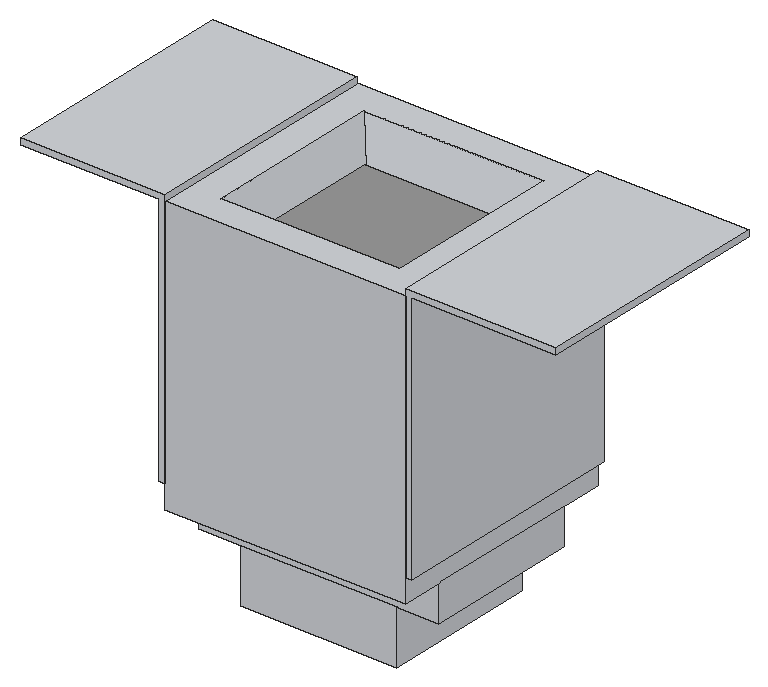
Revit family "2061028 Sylvania Lighting Fixture DOMINO 1xLED 930 BLACK NB TRIMLESS WHITE", category Lighting Fixtures, host Face, Revit 2018
Family settings
  Host = Face
  Round Connector Dimension = Use Diameter
  Part Type = Normal
  OmniClass Number = 23.80.70.00
  OmniClass Title = Lighting
  Cut with Voids When Loaded = No
  Light Source = Yes
  Shared = No
  Room Calculation Point = No
Parameters (values of type "2061028 DOMINO 1XLED 930 BLACK NB TS WHT ")
  top top width = 15.812 mm
  top top length = 26 mm
  bracket height = 42 mm
  Width = 50 mm
  Weight = "n/a"
  Wattage Comments = ""
  Wattage = 9.2903 W
  WarrantyStartDate [instance] = "n/a"
  WarrantyGuarantorParts = "n/a"
  WarrantyDurationUnit = "n/a"
  WarrantyDurationParts = ""
  WarrantyDescription = "http://www.sylvania-lighting.com"
  built-in parameter 1150110 = 1 (stored number, unit not read)
  Voltage = 0 V
  URL = "0.6"
  TypeName = "DOMINO 1xLED 930 BLACK NB TRIMLESS WHITE"
  Type Image = <None>
  Type Comments = "n/a"
  built-in parameter 1114217 = 1 (stored number, unit not read)
  Top Width = 26 mm
  Tilt Angle = 90.00°
  built-in parameter 1150109 = 1 (stored number, unit not read)
  built-in parameter 1150134 = 3
  built-in parameter 1150113 = 1 (stored number, unit not read)
  SerialNumber [instance] = "n/a"
  Recessed Width = 43 mm
  Recessed Length = 43 mm
  Photometric Web File = "2061028.ies"
  Material_3_FEILO = none
  PowerFactor = 0
  PowerConsumption = "Lighting"
  NominalLength = 40 mm
  NominalHeight = 0 mm
  NominalDepth = 0 mm
  Name = "DOMINO 1xLED 930 BLACK NB TRIMLESS WHITE"
  ModelReference = Name  # "DOMINO 1xLED 930 BLACK NB TRIMLESS WHITE"
  ModelNumber = "2061028"
  Model = Name  # "DOMINO 1xLED 930 BLACK NB TRIMLESS WHITE"
  Material = "Feilo Sylvania"
  ManufacturerName = "45 lm/W"
  Manufacturer = ""
  LuminousEfficacy = ""
  built-in parameter 1150105 = 109.82 (stored number, unit not read)
  Lumens = 1380 lm
  LuminaireType = "0"
  built-in parameter 1150115 = 1 (stored number, unit not read)
  LightOutputRatio = "LED"
  built-in parameter 1150137 = (empty or 0)
  built-in parameter 1150139 = (empty or 0)
  Lens inside recess = 25 mm
  Lens Width = 32 mm
  Lens Outside recess = 31.978 mm
  Lens = Glass, White, High Luminance
  Length = 50 mm
  LampsType = Lamp  # "n/a"
  LampNominalLuminous = "3000 K"
  LampMacAdamStep = "90"
  LampColourTemperature = "LED"
  LampColourRenderingIndex = "16500"
  built-in parameter 1150112 = 1 (stored number, unit not read)
  built-in parameter 1150114 = 1 (stored number, unit not read)
  Lamp = "n/a"
  Keynote = "n/a"
  InstallationDate [instance] = "n/a"
  InputVoltage = "0"
  InputNominalFrequency = "3000"
  built-in parameter 1150132 = (empty or 0)
  built-in parameter 1150102 = (empty or 0)
  built-in parameter 1150107 = 3200 (stored number, unit not read)
  built-in parameter 1150138 = (empty or 0)
  IngressProtection = "IfcLightFixtureType"
  ImpactProtectionIndex = "IfcLightFixtureType"
  built-in parameter 1150106 = 1.0982 (stored number, unit not read)
  IfcExportType = "IfcLightFixtureType"
  IfcExportAs = "Class II"
  Facia internal width = 37 mm
  Facia internal length = 37 mm
  Facia Height = 2 mm
  ExpectedLife = 50000
  Emit from Circle Diameter = 609.6 mm
  Emit Shape Visible in Rendering = no
  ElectricShockClassification = "45"
  built-in parameter 1150104 = 13.8 (stored number, unit not read)
  DurationUnit = "hours"
  DocumentationLiterature = "http://www.sylvania-lighting.com/product/en-int/products/2061028"
  DimmingControlOptions = "n/a"
  Material_2_FEILO = none
  Dimming Lamp Color Temperature Shift = <None>
  Description = "Modular LED recessed linear spotlight, ideal for retail and hospitality applications. Die-cast aluminium body, passive cooling. Two levels of reflector installation, low glaring UGR<16. 1x LED source, 15° beam angle , optics: PMMA lens and polycarbonate reflector combination, Black matt reflector finish. Light color temperature: 3000K warm white, total system power: 4W , total fixture lumen output: 180lm, efficacy: 45 lm/W, Ra90 typical, LED chromacity: 3 step MacAdam ellipse (SDCM3), lifespan: 96,000 hours at 90% of the original output (L90B10), IR/UV free light source without heat radiation, operating voltage: 220-240V / 50-60Hz, electronic driver, ultra low flicker, non-dimmable , electrical protection: Class II. Degree of Protection: IP40/IP20, suitable for indoor environment only. Ceiling cut-out: 42x42mm, outer dimensions:  40x40mm , trimless frame RAL 9016 - Traffic white / Bezel color.5 years Warranty."
  Default Elevation = 1219.2 mm
  CreatedOn = "11/02/2021"
  CreatedBy = "@sylvania-lighting.com"
  Cost = 0
  Color Filter = 16777215
  built-in parameter 1114216 [instance] = (empty or 0)
  ClassificationValue = "EF_70_80"
  ClassificationName = "Uniclass2015"
  Material_1_FEILO = none
  Body Width = 40 mm
  Body Length = 40 mm
  BarCode [instance] = "n/a"
  built-in parameter 1114218 = 1 (stored number, unit not read)
  built-in parameter 1150133 = 10 (stored number, unit not read)
  AssetType = "Fixed"
  AssetIdentifier [instance] = "n/a"
  Assembly Code = "D5020200"
  Apparent Load = 4 VA
  Material_4_FEILO = none
Reference planes
  plane 1 "Center (Front/Back)": y = 0
  plane 2: z = 0
  plane 3 "Center (Left/Right)": x = 0
  plane 4: z = 0
  plane 5: z = -7
  plane 6: z = -45.895
  plane 7: z = -51.895
  plane 8: z = -60.895
  plane 9: x = -21.5
  plane 10: x = 21.5
  plane 11: y = 21.5
  plane 12: y = -21.5
  plane 13: x = -25
  plane 14: x = 25
  plane 15: y = 25
  plane 16: y = -25
  plane 17: x = 18.5
  plane 18: x = -18.5
  plane 19: y = 18.5
  plane 20: y = -18.5
  plane 21: z = 2
  plane 22: x = -20
  plane 23: x = 20
  plane 24: y = 20
  plane 25: y = -20
  plane 26: y = 13
  plane 27: y = -13
  plane 28: y = 16
  plane 29: y = -16
  plane 30: x = 13
  plane 31: x = -13
  plane 32: x = -15.772
  plane 33: x = 16.206
  plane 34: y = 12.5
  plane 35: y = -12.5
  plane 36: x = -12.5
  plane 37: x = 12.5
  plane 38: z = -42
  plane 39: x = -44
  plane 40: z = 0.969
  plane 41: x = -21
  plane 42: x = 21
  plane 43: x = 45
Forms (mm)
  Extrusion 1, solid, not visible, detail levels medium+fine
    sketch origin (4.2, 0, 0) x (1, 0, 0) y (0, 1, 0)
      loop
        line (-29.2, 34.5) -> (-29.2, -34.5) -> (20.8, -34.5) -> (20.8, 34.5) -> (-29.2, 34.5)
    from 0 to 1
  Extrusion 2, solid, not visible, detail levels medium+fine
    sketch origin (4.044, 0, 0) x (1, 0, 0) y (0, 1, 0)
      loop
        line (-29.2, 34.5) -> (-29.2, -34.5) -> (20.8, -34.5) -> (20.8, 34.5) -> (-29.2, 34.5)
    from 0 to 1
  Blend 3, solid, not visible, detail levels medium+fine
    base sketch origin (4.2, 0, 0) x (1, 0, 0) y (0, 1, 0)
      loop
        line (-29.2, 34.5) -> (-29.2, -34.5) -> (20.8, -34.5) -> (20.8, 34.5) -> (-29.2, 34.5)
    top sketch origin (4.2, 0, 0) x (1, 0, 0) y (0, 1, 0)
      loop
        line (-21.7, 28) -> (-21.7, -28) -> (13.3, -28) -> (13.3, 28) -> (-21.7, 28)
    from 1 to 3
  Extrusion 4, solid, not visible, detail levels medium+fine
    sketch origin (3.419, 0, 0) x (1, 0, 0) y (0, 1, 0)
      loop
        line (-29.2, 34.5) -> (-29.2, -34.5) -> (20.8, -34.5) -> (20.8, 34.5) -> (-29.2, 34.5)
    from 0 to 1
  Blend 5, solid, not visible, detail levels medium+fine
    base sketch origin (3.575, 0, 0) x (1, 0, 0) y (0, 1, 0)
      loop
        line (-29.2, 34.5) -> (-29.2, -34.5) -> (20.8, -34.5) -> (20.8, 34.5) -> (-29.2, 34.5)
    top sketch origin (3.575, 0, 0) x (1, 0, 0) y (0, 1, 0)
      loop
        line (-21.7, 28) -> (-21.7, -28) -> (13.3, -28) -> (13.3, 28) -> (-21.7, 28)
    from 1 to 3
  Extrusion 6, solid, not visible, detail levels medium+fine
    sketch origin (4.247, 0, 0) x (1, 0, 0) y (0, 1, 0)
      loop
        line (-29.2, 34.5) -> (-29.2, -34.5) -> (20.8, -34.5) -> (20.8, 34.5) -> (-29.2, 34.5)
    from 0 to 1
  Blend 7, solid, not visible, detail levels medium+fine
    base sketch origin (4.403, 0, 0) x (1, 0, 0) y (0, 1, 0)
      loop
        line (-29.2, 34.5) -> (-29.2, -34.5) -> (20.8, -34.5) -> (20.8, 34.5) -> (-29.2, 34.5)
    top sketch origin (4.403, 0, 0) x (1, 0, 0) y (0, 1, 0)
      loop
        line (-21.7, 28) -> (-21.7, -28) -> (13.3, -28) -> (13.3, 28) -> (-21.7, 28)
    from 1 to 3
  Extrusion 8, void, detail levels medium+fine
    sketch origin (4.2, 0, 0) x (0, 1, 0) y (1, 0, 0)
      loop
        line (21.5, -25.7) -> (21.5, 17.3) -> (-21.5, 17.3) -> (-21.5, -25.7) -> (21.5, -25.7)
    from -9.934 to 83.097
  Extrusion 9, solid, detail levels medium+fine
    sketch origin (4.2, 0, 0) x (1, 0, 0) y (0, 1, 0)
      loop
        line (-24.2, 20) -> (-24.2, -20) -> (15.8, -20) -> (15.8, 20) -> (-24.2, 20)
    from 0 to -45.895
  Extrusion 10, solid, detail levels medium+fine
    sketch origin (4.2, 0, 0) x (1, 0, 0) y (0, 1, 0)
      loop
        line (-24.2, 13) -> (-24.2, -13) -> (15.8, -13) -> (15.8, 13) -> (-24.2, 13)
    from -51.895 to -45.895
  Extrusion 11, solid, material "Glass, White, High Luminance" <- "Lens", detail levels fine
    sketch origin (13.547, 1218.849, 36.156) x (1, 0, 0) y (0, 1, 0)
      loop
        line (-26.047, -1206.7) -> (-26.047, -1231.7) -> (-1.047, -1231.7) -> (-1.047, -1206.7) -> (-26.047, -1206.7)
    from -43.156 to -42.182
  Extrusion 12, solid, detail levels fine
    sketch origin (0, 0, 0) x (1, 0, 0) y (0, 0, 1)
      loop
        line (-13, -51.895) -> (-13, -60.895) -> (13, -60.895) -> (13, -51.895) -> (-13, -51.895)
    from -13 to 13
  Blend 13, void, detail levels medium+fine
    base sketch origin (4.2, 0, 0) x (0, 1, 0) y (-1, 0, 0)
      loop
        line (16, 19.972) -> (-16, 19.972) -> (-16, -12.006) -> (16, -12.006) -> (16, 19.972)
    top sketch origin (4.2, 0, 0) x (0, 1, 0) y (-1, 0, 0)
      loop
        line (12.5, 16.7) -> (-12.5, 16.7) -> (-12.5, -8.3) -> (12.5, -8.3) -> (12.5, 16.7)
    from 3 to -7
  Extrusion 14, solid, detail levels coarse
    sketch origin (4.2, 0, 0) x (1, 0, 0) y (0, 1, 0)
      loop
        line (-48.2, 20) -> (-48.2, -20) -> (40.8, -20) -> (40.8, 20) -> (-48.2, 20)
    from 3 to -60.895
  Extrusion 15, solid, detail levels medium+fine
    sketch origin (0, 0, 0) x (1, 0, 0) y (0, 0, 1)
      loop
        line (-44, 0.969) -> (-44, 0) -> (-21, 0) -> (-21, -42) -> (-20, -42) -> (-20, 0.969) -> (-44, 0.969)
    from -20 to 20
  Extrusion 16, solid, detail levels medium+fine
    sketch origin (0, 0, 0) x (1, 0, 0) y (0, 0, 1)
      loop
        line (45, 0.969) -> (20, 0.969) -> (20, -42) -> (21, -42) -> (21, 0) -> (45, 0) -> (45, 0.969)
    from -20 to 20
Cuts and joins
  Blend 13 cuts Extrusion 9
Dimensions and locks
  "Recessed Length": plane 9 to plane 10
  equal spacing: plane 9, plane 3 "Center (Left/Right)", plane 10
  "Length": plane 13 to plane 14
  equal spacing: plane 13, plane 3 "Center (Left/Right)", plane 14
  "Recessed Width": plane 11 to plane 12
  equal spacing: plane 11, plane 1 "Center (Front/Back)", plane 12
  "Width": plane 15 to plane 16
  equal spacing: plane 15, plane 1 "Center (Front/Back)", plane 16
  "Facia internal length": plane 18 to plane 17
  equal spacing: plane 18, plane 3 "Center (Left/Right)", plane 17
  "Facia internal width": plane 19 to plane 20
  equal spacing: plane 19, plane 1 "Center (Front/Back)", plane 20
  "Facia Height": plane 21 to host face
  "Body Length": plane 22 to plane 23
  equal spacing: plane 22, plane 3 "Center (Left/Right)", plane 23
  "Body Width": plane 24 to plane 25
  equal spacing: plane 24, plane 1 "Center (Front/Back)", plane 25
  "Top Width": plane 26 to plane 27
  equal spacing: plane 26, plane 1 "Center (Front/Back)", plane 27
  "Lens Width": plane 28 to plane 29
  equal spacing: plane 28, plane 1 "Center (Front/Back)", plane 29
  "top top length": plane 31 to plane 30
  equal spacing: plane 31, plane 3 "Center (Left/Right)", plane 30  (x2)
  plane 30 to plane 31 = 26 mm
  equal spacing: plane 30, plane 3 "Center (Left/Right)", plane 31
  "Lens Outside recess": plane 32 to plane 33
  "Lens inside recess": plane 34 to plane 35
  equal spacing: plane 34, plane 1 "Center (Front/Back)", plane 35
  "bracket height": host face to plane 38
  aligned and locked: plane 2 to host face
  aligned and locked: level to host face
  aligned and locked: Extrusion 10 to plane 7
  aligned and locked: Extrusion 9 to plane 6
Automatic sketch dimensions
  host sketch curve to host sketch curve = 2438.4 mm  (x2)
  Extrusion 1 sketch curve to Extrusion 1 sketch curve = 50 mm
  Extrusion 1 sketch curve to Extrusion 1 sketch curve = 69 mm
  Extrusion 2 sketch curve to Extrusion 2 sketch curve = 50 mm
  Extrusion 2 sketch curve to Extrusion 2 sketch curve = 69 mm
  Blend 3 sketch curve to Blend 3 sketch curve = 50 mm
  Blend 3 sketch curve to Blend 3 sketch curve = 69 mm
  Blend 3 sketch curve to Blend 3 sketch curve = 35 mm
  Blend 3 sketch curve to Blend 3 sketch curve = 56 mm
  Extrusion 4 sketch curve to Extrusion 4 sketch curve = 50 mm
  Extrusion 4 sketch curve to Extrusion 4 sketch curve = 69 mm
  Blend 5 sketch curve to Blend 5 sketch curve = 50 mm
  Blend 5 sketch curve to Blend 5 sketch curve = 69 mm
  Blend 5 sketch curve to Blend 5 sketch curve = 35 mm
  Blend 5 sketch curve to Blend 5 sketch curve = 56 mm
  Extrusion 6 sketch curve to Extrusion 6 sketch curve = 50 mm
  Extrusion 6 sketch curve to Extrusion 6 sketch curve = 69 mm
  Blend 7 sketch curve to Blend 7 sketch curve = 50 mm
  Blend 7 sketch curve to Blend 7 sketch curve = 69 mm
  Blend 7 sketch curve to Blend 7 sketch curve = 35 mm
  Blend 7 sketch curve to Blend 7 sketch curve = 56 mm
  plane 9 to Extrusion 8 sketch curve = 0 mm
  Extrusion 8 sketch curve to plane 12 = 0 mm
  Extrusion 8 sketch curve to plane 11 = 0 mm
  Extrusion 8 sketch curve to plane 10 = 0 mm
  Extrusion 9 sketch curve to plane 22 = 0 mm
  Extrusion 9 sketch curve to plane 23 = 0 mm
  Extrusion 9 sketch curve to plane 25 = 0 mm
  Extrusion 9 sketch curve to plane 24 = 0 mm
  Extrusion 10 sketch curve to plane 22 = 0 mm
  Extrusion 10 sketch curve to plane 23 = 0 mm
  Extrusion 10 sketch curve to plane 27 = 0 mm
  Extrusion 10 sketch curve to plane 26 = 0 mm
  Extrusion 11 sketch curve to plane 11 = 9.351 mm
  plane 1 "Center (Front/Back)" to Extrusion 11 sketch curve = 12.851 mm
  plane 18 to Extrusion 11 sketch curve = 6 mm
  Extrusion 11 sketch curve to Extrusion 11 sketch curve = 25 mm
  Extrusion 12 sketch curve to plane 8 = 0 mm
  Extrusion 12 sketch curve to plane 31 = 0 mm
  Extrusion 12 sketch curve to plane 30 = 0 mm
  Extrusion 12 sketch curve to plane 7 = 0 mm
  Blend 13 sketch curve to plane 29 = 0 mm
  Blend 13 sketch curve to plane 28 = 0 mm
  Blend 13 sketch curve to plane 33 = 0 mm
  Blend 13 sketch curve to plane 32 = 0 mm
  Blend 13 sketch curve to plane 35 = 0 mm
  Blend 13 sketch curve to plane 34 = 0 mm
  Blend 13 sketch curve to plane 37 = 0 mm
  Blend 13 sketch curve to plane 36 = 0 mm
  Extrusion 14 sketch curve to plane 13 = 19 mm
  plane 14 to Extrusion 14 sketch curve = 20 mm
  plane 16 to Extrusion 14 sketch curve = 5 mm
  Extrusion 14 sketch curve to plane 15 = 5 mm
  Extrusion 15 sketch curve to plane 39 = 0 mm
  Extrusion 15 sketch curve to level = 0 mm
  plane 9 to Extrusion 15 sketch curve = 1.5 mm
  Extrusion 15 sketch curve to plane 38 = 0 mm
  Extrusion 15 sketch curve to plane 40 = 0 mm
  plane 9 to Extrusion 15 sketch curve = 0.5 mm
  Extrusion 16 sketch curve to plane 21 = 1.031 mm
  Extrusion 16 sketch curve to plane 23 = 0 mm
  Extrusion 16 sketch curve to plane 38 = 0 mm
  Extrusion 16 sketch curve to plane 42 = 0 mm
  Extrusion 16 sketch curve to plane 43 = 0 mm
  Extrusion 16 sketch curve to level = 0 mm
Connectors
  electrical at (0, 0, -60.895)
    settings: on Extrusion 12, index 1, voltage 0 V, apparent load 0 VA, apparent load phase1 0 VA, apparent load phase2 0 VA, apparent load phase3 0 VA, power factor 1, load classification "Other", number of poles 1, system type 31, power factor state 1, is connector primary yes, connector utility no, sub classification motor no, connector description ""
